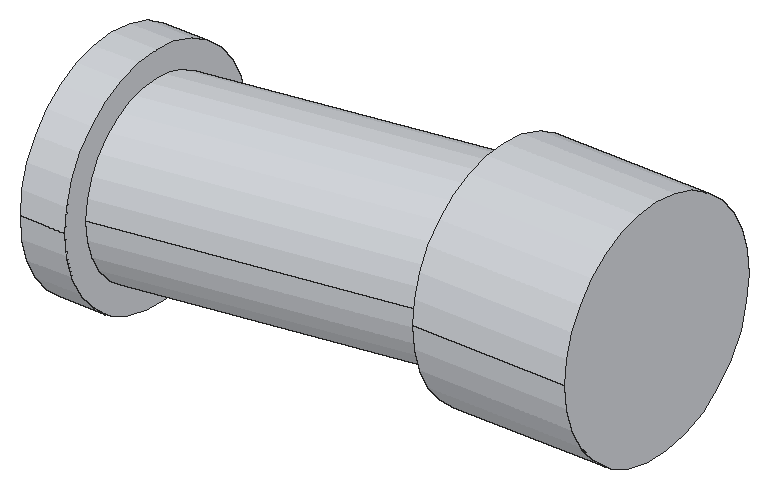
Revit family "M_Deslocamento do medidor de conduíte - PVC", category Conexões do conduite, Revit 2019
Family settings
  Cota do conector redondo = Usar raio
  Tipo de parte = Múltiplas portas
  Número OmniClass = 23.80.30.17.11
  Título OmniClass = Conduits
  ID de item do Seek = Conduit Meter Offset - PVC-0000-CAN-ENU
  Com base no plano de trabalho = Não
  Sempre na vertical = Sim
  Corte com vazios quando carregada = Não
  Compartilhado = Não
Parameters (values of type "Padrão")
  Comprimento da rosca [instance] = 0.2 * Comprimento  # 7.3 mm
  Deslocamento [instance] = 6.5 mm
  Espessura da porca [instance] = Raio externo da conexão / 2  # 5.334 mm
  Raio nominal [instance] = 8 mm
  Diâmetro nominal [instance] = Raio nominal * 2  # 16 mm
  Comprimento 2 [instance] = 1524 mm + Deslocamento  # 1530.5 mm
  Comprimento 1 [instance] = Comprimento / 2  # 18.25 mm
  Comprimento total [instance] = 1.5 * Comprimento + Comprimento da rosca + Espessura da porca  # 67.384 mm
  Raio externo final [instance] = Diâmetro externo final / 2  # 13.716 mm
  Diâmetro externo final [instance] = size_lookup(Pesquisa de tamanho de conduite, "EOD", 1.14 * Diâmetro nominal + 12.7 mm, Diâmetro nominal)  # 27.432 mm
  Raio externo da conexão [instance] = Diâmetro externo da conexão / 2  # 10.668 mm
  Diâmetro externo da conexão [instance] = size_lookup(Pesquisa de tamanho de conduite, "FOD", 1.06 * Diâmetro nominal + 7.342 mm, Diâmetro nominal)  # 21.336 mm
  Comprimento [instance] = size_lookup(Pesquisa de tamanho de conduite, "Lgt", 0.57 * Diâmetro nominal + 36.116 mm, Diâmetro nominal)  # 36.5 mm
  Pesquisa de tamanho de conduite = "M_Conduit Meter Offset - PVC"
Reference planes
  plane 1 "Centro (Frente/Trás)": y = 0
  plane 2: z = 0
  plane 3 "Centro (Esquerda/Direita)": x = 0
  plane 4: x = 5.334
  plane 5: y = 6.5
  plane 6: x = 41.834
  plane 7: x = 60.084
  plane 8: y = -1524
Forms (mm)
  Blend 1, solid, detail levels fine
    base sketch origin (36.076, 25.891, 1219.2) x (0, 1, 0) y (0, 0, 1)
      loop
        circle (-25.891, -1219.2) r 10.668
    top sketch origin (36.076, 25.891, 1219.2) x (0, 1, 0) y (0, 0, 1)
      loop
        circle (-19.391, -1219.2) r 10.668
    from -30.742 to 5.758
  Sweep 2, solid, detail levels fine
    path in 3D
      loop
        line (0, 0, 0) -> (5.334, 0, 0)
    profile origin (2.667, 0, 0) x (0, 1, 0) y (0, 0, 1)
      loop
        circle (0, 0) r 13.716
  Sweep 3, solid, detail levels fine
    path in 3D
      loop
        line (41.834, 6.5, 0) -> (60.084, 6.5, 0)
    profile origin (50.959, 6.5, 0) x (0, 1, 0) y (0, 0, 1)
      loop
        circle (0, 0) r 13.716
Cuts and joins
  joined: Blend 1, Sweep 2, Sweep 3
Lines and regions (mm)
  model lines, detail levels coarse+medium
    curve 1: line (0, 0, 0) -> (5.334, 0, 0)
    curve 2: line (5.334, 0, 0) -> (41.834, 6.5, 0)
    curve 3: line (41.834, 6.5, 0) -> (60.084, 6.5, 0)
  sketch lines
    curve 4: line (0, 0, 0) -> (5.334, 0, 0)
    curve 5: line (41.834, 6.5, 0) -> (60.084, 6.5, 0)
Dimensions and locks
  "Espessura da porca": plane 3 "Centro (Esquerda/Direita)" to plane 4
  "Comprimento": plane 4 to plane 6
  "Comprimento 1": plane 6 to plane 7
  locked: plane 8 to plane 1 "Centro (Frente/Trás)" at 1524
  "Comprimento 2": plane 5 to plane 8
  "Raio externo da conexão": radius of Blend 1 sketch curve  (x2)
  "Raio externo final": radius of Sweep 2 sketch curve
  "Raio externo final": radius of Sweep 3 sketch curve
  aligned and locked: plane 1 "Centro (Frente/Trás)" to Blend 1 sketch curve
  aligned and locked: plane 2 to Blend 1 sketch curve  (x2)
  aligned and locked: plane 5 to Blend 1 sketch curve
  aligned and locked: Blend 1 to plane 4
  aligned and locked: plane 6 to Blend 1
  aligned and locked: plane 3 "Centro (Esquerda/Direita)" to curve 1
  aligned and locked: plane 1 "Centro (Frente/Trás)" to curve 1
  aligned and locked: plane 4 to curve 2
  aligned and locked: plane 1 "Centro (Frente/Trás)" to curve 2
  aligned and locked: plane 6 to curve 2
  aligned and locked: curve 3 to plane 5
  aligned and locked: plane 7 to curve 3
Automatic sketch dimensions
  Sweep 2 sketch curve to profile plane = 0 mm  (x2)
  Sweep 3 sketch curve to profile plane = 0 mm  (x2)
Connectors
  cabletrayconduit at (0, 0, 0), diameter 16, driven by "Raio nominal"
    settings: on cut or joined group of Blend 1, Sweep 2, Sweep 3, index 1, connector width 304.8 mm, connector height 304.8 mm, connector angle 0.00°, system type 32, placement type 0, profile type 0, connector reference index 2, is primary connector yes, connector utility param no, connector description ""
  cabletrayconduit at (60.084, 6.5, 0), diameter 16, driven by "Raio nominal"
    settings: on cut or joined group of Blend 1, Sweep 2, Sweep 3, index 2, connector width 304.8 mm, connector height 304.8 mm, connector angle 0.00°, system type 32, placement type 0, profile type 0, connector reference index 1, is primary connector no, connector utility param no, connector description ""
